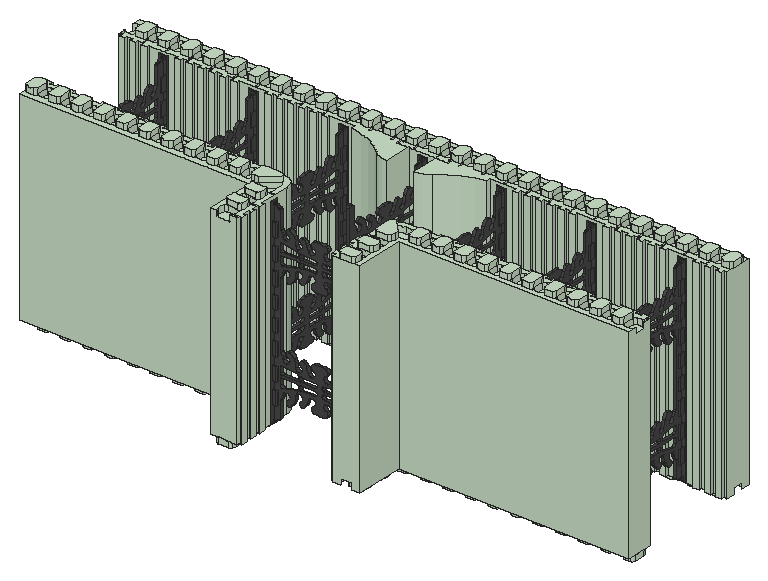
Revit family "ICF- NUDURA 8-inch- Short T Form Unit- Imperial", category Generic Models, Revit 2011 (continued)
Forms (in)
  Extrusion 45, solid, material "NUDURA Expanded Polystyrene Foam Insulation"
    sketch origin (2, -2, 0) x (1, 0, 0) y (0, 1, 0)
      loop
        arc (5.82692, -5.13593) -> (5.95215, -5.04515) -> (6, -4.89806) r 0.25
        line (6, -4.89806) -> (6, -3.9769)
    from 0 to -0.5
  Extrusion 46, void
    sketch origin (7.99998, -0.00002, 0) x (0, -1, 0) y (1, 0, 0)
      loop
        arc (-5.13595, -25.17306) -> (-5.1875, -25.49998) -> (-5.13595, -25.8269) r 1.0625
        arc (-5.13595, -25.8269) -> (-5.04517, -25.95213) -> (-4.89808, -25.99998) r 0.25
        line (-4.89808, -25.99998) -> (-3.97692, -25.99998)
        arc (-3.97692, -25.99998) -> (-3.88568, -25.98274) -> (-3.80702, -25.93338) r 0.25
        arc (-3.80702, -25.93338) -> (-3.78736, -25.92104) -> (-3.76455, -25.91673) r 0.0625
        line (-3.76455, -25.91673) -> (-3.41845, -25.91673) -> (-3.41845, -25.7459) -> (-3.64005, -25.7459)
        arc (-3.64005, -25.7459) -> (-3.68771, -25.72383) -> (-3.70172, -25.67321) r 0.0625
        arc (-3.70172, -25.67321) -> (-3.69045, -25.4209) -> (-3.73905, -25.17306) r 1.0625
        arc (-3.73905, -25.17306) -> (-3.82983, -25.04783) -> (-3.97692, -24.99998) r 0.25
        line (-3.97692, -24.99998) -> (-4.89808, -24.99998)
        arc (-4.89808, -24.99998) -> (-5.04517, -25.04783) -> (-5.13595, -25.17306) r 0.25
    from 18 to 17.5
  Extrusion 47, void
    sketch origin (9.99998, -0.00002, 0) x (0, -1, 0) y (1, 0, 0)
      loop
        arc (-5.13595, -25.17306) -> (-5.1875, -25.49998) -> (-5.13595, -25.8269) r 1.0625
        arc (-5.13595, -25.8269) -> (-5.04517, -25.95213) -> (-4.89808, -25.99998) r 0.25
        line (-4.89808, -25.99998) -> (-3.97692, -25.99998)
        arc (-3.97692, -25.99998) -> (-3.88568, -25.98274) -> (-3.80702, -25.93338) r 0.25
        arc (-3.80702, -25.93338) -> (-3.78736, -25.92104) -> (-3.76455, -25.91673) r 0.0625
        line (-3.76455, -25.91673) -> (-3.41845, -25.91673) -> (-3.41845, -25.7459) -> (-3.64005, -25.7459)
        arc (-3.64005, -25.7459) -> (-3.68771, -25.72383) -> (-3.70172, -25.67321) r 0.0625
        arc (-3.70172, -25.67321) -> (-3.69045, -25.4209) -> (-3.73905, -25.17306) r 1.0625
        arc (-3.73905, -25.17306) -> (-3.82983, -25.04783) -> (-3.97692, -24.99998) r 0.25
        line (-3.97692, -24.99998) -> (-4.89808, -24.99998)
        arc (-4.89808, -24.99998) -> (-5.04517, -25.04783) -> (-5.13595, -25.17306) r 0.25
    from 18 to 17.5
  Extrusion 48, void
    sketch origin (11.99998, -0.00002, 0) x (0, -1, 0) y (1, 0, 0)
      loop
        arc (-5.13595, -25.17306) -> (-5.1875, -25.49998) -> (-5.13595, -25.8269) r 1.0625
        arc (-5.13595, -25.8269) -> (-5.04517, -25.95213) -> (-4.89808, -25.99998) r 0.25
        line (-4.89808, -25.99998) -> (-3.97692, -25.99998)
        arc (-3.97692, -25.99998) -> (-3.88568, -25.98274) -> (-3.80702, -25.93338) r 0.25
        arc (-3.80702, -25.93338) -> (-3.78736, -25.92104) -> (-3.76455, -25.91673) r 0.0625
        line (-3.76455, -25.91673) -> (-3.41845, -25.91673) -> (-3.41845, -25.7459) -> (-3.64005, -25.7459)
        arc (-3.64005, -25.7459) -> (-3.68771, -25.72383) -> (-3.70172, -25.67321) r 0.0625
        arc (-3.70172, -25.67321) -> (-3.69045, -25.4209) -> (-3.73905, -25.17306) r 1.0625
        arc (-3.73905, -25.17306) -> (-3.82983, -25.04783) -> (-3.97692, -24.99998) r 0.25
        line (-3.97692, -24.99998) -> (-4.89808, -24.99998)
        arc (-4.89808, -24.99998) -> (-5.04517, -25.04783) -> (-5.13595, -25.17306) r 0.25
    from 18 to 17.5
  Extrusion 49, void
    sketch origin (13.99998, -0.00002, 0) x (0, -1, 0) y (1, 0, 0)
      loop
        arc (-5.13595, -25.17306) -> (-5.1875, -25.49998) -> (-5.13595, -25.8269) r 1.0625
        arc (-5.13595, -25.8269) -> (-5.04517, -25.95213) -> (-4.89808, -25.99998) r 0.25
        line (-4.89808, -25.99998) -> (-3.97692, -25.99998)
        arc (-3.97692, -25.99998) -> (-3.88568, -25.98274) -> (-3.80702, -25.93338) r 0.25
        arc (-3.80702, -25.93338) -> (-3.78736, -25.92104) -> (-3.76455, -25.91673) r 0.0625
        line (-3.76455, -25.91673) -> (-3.41845, -25.91673) -> (-3.41845, -25.7459) -> (-3.64005, -25.7459)
        arc (-3.64005, -25.7459) -> (-3.68771, -25.72383) -> (-3.70172, -25.67321) r 0.0625
        arc (-3.70172, -25.67321) -> (-3.69045, -25.4209) -> (-3.73905, -25.17306) r 1.0625
        arc (-3.73905, -25.17306) -> (-3.82983, -25.04783) -> (-3.97692, -24.99998) r 0.25
        line (-3.97692, -24.99998) -> (-4.89808, -24.99998)
        arc (-4.89808, -24.99998) -> (-5.04517, -25.04783) -> (-5.13595, -25.17306) r 0.25
    from 18 to 17.5
  Extrusion 50, void
    sketch origin (5.99998, -0.00002, 0) x (0, -1, 0) y (1, 0, 0)
      loop
        arc (-5.13595, -25.17306) -> (-5.1875, -25.49998) -> (-5.13595, -25.8269) r 1.0625
        arc (-5.13595, -25.8269) -> (-5.04517, -25.95213) -> (-4.89808, -25.99998) r 0.25
        line (-4.89808, -25.99998) -> (-3.97692, -25.99998)
        arc (-3.97692, -25.99998) -> (-3.88568, -25.98274) -> (-3.80702, -25.93338) r 0.25
        arc (-3.80702, -25.93338) -> (-3.78736, -25.92104) -> (-3.76455, -25.91673) r 0.0625
        line (-3.76455, -25.91673) -> (-3.41845, -25.91673) -> (-3.41845, -25.7459) -> (-3.64005, -25.7459)
        arc (-3.64005, -25.7459) -> (-3.68771, -25.72383) -> (-3.70172, -25.67321) r 0.0625
        arc (-3.70172, -25.67321) -> (-3.69045, -25.4209) -> (-3.73905, -25.17306) r 1.0625
        arc (-3.73905, -25.17306) -> (-3.82983, -25.04783) -> (-3.97692, -24.99998) r 0.25
        line (-3.97692, -24.99998) -> (-4.89808, -24.99998)
        arc (-4.89808, -24.99998) -> (-5.04517, -25.04783) -> (-5.13595, -25.17306) r 0.25
    from 18 to 17.5
  Extrusion 51, void
    sketch origin (-0.00002, -0.00002, 0) x (0, -1, 0) y (1, 0, 0)
      loop
        arc (-5.13595, -25.17306) -> (-5.1875, -25.49998) -> (-5.13595, -25.8269) r 1.0625
        arc (-5.13595, -25.8269) -> (-5.04517, -25.95213) -> (-4.89808, -25.99998) r 0.25
        line (-4.89808, -25.99998) -> (-3.97692, -25.99998)
        arc (-3.97692, -25.99998) -> (-3.88568, -25.98274) -> (-3.80702, -25.93338) r 0.25
        arc (-3.80702, -25.93338) -> (-3.78736, -25.92104) -> (-3.76455, -25.91673) r 0.0625
        line (-3.76455, -25.91673) -> (-3.41845, -25.91673) -> (-3.41845, -25.7459) -> (-3.64005, -25.7459)
        arc (-3.64005, -25.7459) -> (-3.68771, -25.72383) -> (-3.70172, -25.67321) r 0.0625
        arc (-3.70172, -25.67321) -> (-3.69045, -25.4209) -> (-3.73905, -25.17306) r 1.0625
        arc (-3.73905, -25.17306) -> (-3.82983, -25.04783) -> (-3.97692, -24.99998) r 0.25
        line (-3.97692, -24.99998) -> (-4.89808, -24.99998)
        arc (-4.89808, -24.99998) -> (-5.04517, -25.04783) -> (-5.13595, -25.17306) r 0.25
    from 18 to 17.5
  Extrusion 52, void
    sketch origin (1.99998, -0.00002, 0) x (0, -1, 0) y (1, 0, 0)
      loop
        arc (-5.13595, -25.17306) -> (-5.1875, -25.49998) -> (-5.13595, -25.8269) r 1.0625
        arc (-5.13595, -25.8269) -> (-5.04517, -25.95213) -> (-4.89808, -25.99998) r 0.25
        line (-4.89808, -25.99998) -> (-3.97692, -25.99998)
        arc (-3.97692, -25.99998) -> (-3.88568, -25.98274) -> (-3.80702, -25.93338) r 0.25
        arc (-3.80702, -25.93338) -> (-3.78736, -25.92104) -> (-3.76455, -25.91673) r 0.0625
        line (-3.76455, -25.91673) -> (-3.41845, -25.91673) -> (-3.41845, -25.7459) -> (-3.64005, -25.7459)
        arc (-3.64005, -25.7459) -> (-3.68771, -25.72383) -> (-3.70172, -25.67321) r 0.0625
        arc (-3.70172, -25.67321) -> (-3.69045, -25.4209) -> (-3.73905, -25.17306) r 1.0625
        arc (-3.73905, -25.17306) -> (-3.82983, -25.04783) -> (-3.97692, -24.99998) r 0.25
        line (-3.97692, -24.99998) -> (-4.89808, -24.99998)
        arc (-4.89808, -24.99998) -> (-5.04517, -25.04783) -> (-5.13595, -25.17306) r 0.25
    from 18 to 17.5
  Extrusion 53, void
    sketch origin (3.99998, -0.00002, 0) x (0, -1, 0) y (1, 0, 0)
      loop
        arc (-5.13595, -25.17306) -> (-5.1875, -25.49998) -> (-5.13595, -25.8269) r 1.0625
        arc (-5.13595, -25.8269) -> (-5.04517, -25.95213) -> (-4.89808, -25.99998) r 0.25
        line (-4.89808, -25.99998) -> (-3.97692, -25.99998)
        arc (-3.97692, -25.99998) -> (-3.88568, -25.98274) -> (-3.80702, -25.93338) r 0.25
        arc (-3.80702, -25.93338) -> (-3.78736, -25.92104) -> (-3.76455, -25.91673) r 0.0625
        line (-3.76455, -25.91673) -> (-3.41845, -25.91673) -> (-3.41845, -25.7459) -> (-3.64005, -25.7459)
        arc (-3.64005, -25.7459) -> (-3.68771, -25.72383) -> (-3.70172, -25.67321) r 0.0625
        arc (-3.70172, -25.67321) -> (-3.69045, -25.4209) -> (-3.73905, -25.17306) r 1.0625
        arc (-3.73905, -25.17306) -> (-3.82983, -25.04783) -> (-3.97692, -24.99998) r 0.25
        line (-3.97692, -24.99998) -> (-4.89808, -24.99998)
        arc (-4.89808, -24.99998) -> (-5.04517, -25.04783) -> (-5.13595, -25.17306) r 0.25
    from 18 to 17.5
  Extrusion 54, void
    sketch origin (-35.99998, -1.99998, 0) x (0, 1, 0) y (-1, 0, 0)
      loop
        arc (-5.13595, -25.17306) -> (-5.1875, -25.49998) -> (-5.13595, -25.8269) r 1.0625
        arc (-5.13595, -25.8269) -> (-5.04517, -25.95213) -> (-4.89808, -25.99998) r 0.25
        line (-4.89808, -25.99998) -> (-3.97692, -25.99998)
        arc (-3.97692, -25.99998) -> (-3.88568, -25.98274) -> (-3.80702, -25.93338) r 0.25
        arc (-3.80702, -25.93338) -> (-3.78736, -25.92104) -> (-3.76455, -25.91673) r 0.0625
        line (-3.76455, -25.91673) -> (-3.41845, -25.91673) -> (-3.41845, -25.7459) -> (-3.64005, -25.7459)
        arc (-3.64005, -25.7459) -> (-3.68771, -25.72383) -> (-3.70172, -25.67321) r 0.0625
        arc (-3.70172, -25.67321) -> (-3.69045, -25.4209) -> (-3.73905, -25.17306) r 1.0625
        arc (-3.73905, -25.17306) -> (-3.82983, -25.04783) -> (-3.97692, -24.99998) r 0.25
        line (-3.97692, -24.99998) -> (-4.89808, -24.99998)
        arc (-4.89808, -24.99998) -> (-5.04517, -25.04783) -> (-5.13595, -25.17306) r 0.25
    from 18 to 17.5
  Extrusion 55, void
    sketch origin (-37.99998, -1.99998, 0) x (0, 1, 0) y (-1, 0, 0)
      loop
        arc (-5.13595, -25.17306) -> (-5.1875, -25.49998) -> (-5.13595, -25.8269) r 1.0625
        arc (-5.13595, -25.8269) -> (-5.04517, -25.95213) -> (-4.89808, -25.99998) r 0.25
        line (-4.89808, -25.99998) -> (-3.97692, -25.99998)
        arc (-3.97692, -25.99998) -> (-3.88568, -25.98274) -> (-3.80702, -25.93338) r 0.25
        arc (-3.80702, -25.93338) -> (-3.78736, -25.92104) -> (-3.76455, -25.91673) r 0.0625
        line (-3.76455, -25.91673) -> (-3.41845, -25.91673) -> (-3.41845, -25.7459) -> (-3.64005, -25.7459)
        arc (-3.64005, -25.7459) -> (-3.68771, -25.72383) -> (-3.70172, -25.67321) r 0.0625
        arc (-3.70172, -25.67321) -> (-3.69045, -25.4209) -> (-3.73905, -25.17306) r 1.0625
        arc (-3.73905, -25.17306) -> (-3.82983, -25.04783) -> (-3.97692, -24.99998) r 0.25
        line (-3.97692, -24.99998) -> (-4.89808, -24.99998)
        arc (-4.89808, -24.99998) -> (-5.04517, -25.04783) -> (-5.13595, -25.17306) r 0.25
    from 18 to 17.5
  Extrusion 56, void
    sketch origin (-39.99998, -1.99998, 0) x (0, 1, 0) y (-1, 0, 0)
      loop
        arc (-5.13595, -25.17306) -> (-5.1875, -25.49998) -> (-5.13595, -25.8269) r 1.0625
        arc (-5.13595, -25.8269) -> (-5.04517, -25.95213) -> (-4.89808, -25.99998) r 0.25
        line (-4.89808, -25.99998) -> (-3.97692, -25.99998)
        arc (-3.97692, -25.99998) -> (-3.88568, -25.98274) -> (-3.80702, -25.93338) r 0.25
        arc (-3.80702, -25.93338) -> (-3.78736, -25.92104) -> (-3.76455, -25.91673) r 0.0625
        line (-3.76455, -25.91673) -> (-3.41845, -25.91673) -> (-3.41845, -25.7459) -> (-3.64005, -25.7459)
        arc (-3.64005, -25.7459) -> (-3.68771, -25.72383) -> (-3.70172, -25.67321) r 0.0625
        arc (-3.70172, -25.67321) -> (-3.69045, -25.4209) -> (-3.73905, -25.17306) r 1.0625
        arc (-3.73905, -25.17306) -> (-3.82983, -25.04783) -> (-3.97692, -24.99998) r 0.25
        line (-3.97692, -24.99998) -> (-4.89808, -24.99998)
        arc (-4.89808, -24.99998) -> (-5.04517, -25.04783) -> (-5.13595, -25.17306) r 0.25
    from 18 to 17.5
  Extrusion 57, void
    sketch origin (-41.99998, -1.99998, 0) x (0, 1, 0) y (-1, 0, 0)
      loop
        arc (-5.13595, -25.17306) -> (-5.1875, -25.49998) -> (-5.13595, -25.8269) r 1.0625
        arc (-5.13595, -25.8269) -> (-5.04517, -25.95213) -> (-4.89808, -25.99998) r 0.25
        line (-4.89808, -25.99998) -> (-3.97692, -25.99998)
        arc (-3.97692, -25.99998) -> (-3.88568, -25.98274) -> (-3.80702, -25.93338) r 0.25
        arc (-3.80702, -25.93338) -> (-3.78736, -25.92104) -> (-3.76455, -25.91673) r 0.0625
        line (-3.76455, -25.91673) -> (-3.41845, -25.91673) -> (-3.41845, -25.7459) -> (-3.64005, -25.7459)
        arc (-3.64005, -25.7459) -> (-3.68771, -25.72383) -> (-3.70172, -25.67321) r 0.0625
        arc (-3.70172, -25.67321) -> (-3.69045, -25.4209) -> (-3.73905, -25.17306) r 1.0625
        arc (-3.73905, -25.17306) -> (-3.82983, -25.04783) -> (-3.97692, -24.99998) r 0.25
        line (-3.97692, -24.99998) -> (-4.89808, -24.99998)
        arc (-4.89808, -24.99998) -> (-5.04517, -25.04783) -> (-5.13595, -25.17306) r 0.25
    from 18 to 17.5
  Extrusion 58, void
    sketch origin (-43.99998, -1.99998, 0) x (0, 1, 0) y (-1, 0, 0)
      loop
        arc (-5.13595, -25.17306) -> (-5.1875, -25.49998) -> (-5.13595, -25.8269) r 1.0625
        arc (-5.13595, -25.8269) -> (-5.04517, -25.95213) -> (-4.89808, -25.99998) r 0.25
        line (-4.89808, -25.99998) -> (-3.97692, -25.99998)
        arc (-3.97692, -25.99998) -> (-3.88568, -25.98274) -> (-3.80702, -25.93338) r 0.25
        arc (-3.80702, -25.93338) -> (-3.78736, -25.92104) -> (-3.76455, -25.91673) r 0.0625
        line (-3.76455, -25.91673) -> (-3.41845, -25.91673) -> (-3.41845, -25.7459) -> (-3.64005, -25.7459)
        arc (-3.64005, -25.7459) -> (-3.68771, -25.72383) -> (-3.70172, -25.67321) r 0.0625
        arc (-3.70172, -25.67321) -> (-3.69045, -25.4209) -> (-3.73905, -25.17306) r 1.0625
        arc (-3.73905, -25.17306) -> (-3.82983, -25.04783) -> (-3.97692, -24.99998) r 0.25
        line (-3.97692, -24.99998) -> (-4.89808, -24.99998)
        arc (-4.89808, -24.99998) -> (-5.04517, -25.04783) -> (-5.13595, -25.17306) r 0.25
    from 18 to 17.5
  Extrusion 59, void
    sketch origin (-45.99998, -1.99998, 0) x (0, 1, 0) y (-1, 0, 0)
      loop
        arc (-5.13595, -25.17306) -> (-5.1875, -25.49998) -> (-5.13595, -25.8269) r 1.0625
        arc (-5.13595, -25.8269) -> (-5.04517, -25.95213) -> (-4.89808, -25.99998) r 0.25
        line (-4.89808, -25.99998) -> (-3.97692, -25.99998)
        arc (-3.97692, -25.99998) -> (-3.88568, -25.98274) -> (-3.80702, -25.93338) r 0.25
        arc (-3.80702, -25.93338) -> (-3.78736, -25.92104) -> (-3.76455, -25.91673) r 0.0625
        line (-3.76455, -25.91673) -> (-3.41845, -25.91673) -> (-3.41845, -25.7459) -> (-3.64005, -25.7459)
        arc (-3.64005, -25.7459) -> (-3.68771, -25.72383) -> (-3.70172, -25.67321) r 0.0625
        arc (-3.70172, -25.67321) -> (-3.69045, -25.4209) -> (-3.73905, -25.17306) r 1.0625
        arc (-3.73905, -25.17306) -> (-3.82983, -25.04783) -> (-3.97692, -24.99998) r 0.25
        line (-3.97692, -24.99998) -> (-4.89808, -24.99998)
        arc (-4.89808, -24.99998) -> (-5.04517, -25.04783) -> (-5.13595, -25.17306) r 0.25
    from 18 to 17.5
  Extrusion 60, void
    sketch origin (-47.99998, -1.99998, 0) x (0, 1, 0) y (-1, 0, 0)
      loop
        arc (-5.13595, -25.17306) -> (-5.1875, -25.49998) -> (-5.13595, -25.8269) r 1.0625
        arc (-5.13595, -25.8269) -> (-5.04517, -25.95213) -> (-4.89808, -25.99998) r 0.25
        line (-4.89808, -25.99998) -> (-3.97692, -25.99998)
        arc (-3.97692, -25.99998) -> (-3.88568, -25.98274) -> (-3.80702, -25.93338) r 0.25
        arc (-3.80702, -25.93338) -> (-3.78736, -25.92104) -> (-3.76455, -25.91673) r 0.0625
        line (-3.76455, -25.91673) -> (-3.41845, -25.91673) -> (-3.41845, -25.7459) -> (-3.64005, -25.7459)
        arc (-3.64005, -25.7459) -> (-3.68771, -25.72383) -> (-3.70172, -25.67321) r 0.0625
        arc (-3.70172, -25.67321) -> (-3.69045, -25.4209) -> (-3.73905, -25.17306) r 1.0625
        arc (-3.73905, -25.17306) -> (-3.82983, -25.04783) -> (-3.97692, -24.99998) r 0.25
        line (-3.97692, -24.99998) -> (-4.89808, -24.99998)
        arc (-4.89808, -24.99998) -> (-5.04517, -25.04783) -> (-5.13595, -25.17306) r 0.25
    from 18 to 17.5
  Extrusion 61, void
    sketch origin (-49.99998, -1.99998, 0) x (0, 1, 0) y (-1, 0, 0)
      loop
        arc (-5.13595, -25.17306) -> (-5.1875, -25.49998) -> (-5.13595, -25.8269) r 1.0625
        arc (-5.13595, -25.8269) -> (-5.04517, -25.95213) -> (-4.89808, -25.99998) r 0.25
        line (-4.89808, -25.99998) -> (-3.97692, -25.99998)
        arc (-3.97692, -25.99998) -> (-3.88568, -25.98274) -> (-3.80702, -25.93338) r 0.25
        arc (-3.80702, -25.93338) -> (-3.78736, -25.92104) -> (-3.76455, -25.91673) r 0.0625
        line (-3.76455, -25.91673) -> (-3.41845, -25.91673) -> (-3.41845, -25.7459) -> (-3.64005, -25.7459)
        arc (-3.64005, -25.7459) -> (-3.68771, -25.72383) -> (-3.70172, -25.67321) r 0.0625
        arc (-3.70172, -25.67321) -> (-3.69045, -25.4209) -> (-3.73905, -25.17306) r 1.0625
        arc (-3.73905, -25.17306) -> (-3.82983, -25.04783) -> (-3.97692, -24.99998) r 0.25
        line (-3.97692, -24.99998) -> (-4.89808, -24.99998)
        arc (-4.89808, -24.99998) -> (-5.04517, -25.04783) -> (-5.13595, -25.17306) r 0.25
    from 18 to 17.5
  Extrusion 62, void
    sketch origin (-11.99998, -1.99998, 0) x (0, 1, 0) y (-1, 0, 0)
      loop
        arc (-5.13595, -25.17306) -> (-5.1875, -25.49998) -> (-5.13595, -25.8269) r 1.0625
        arc (-5.13595, -25.8269) -> (-5.04517, -25.95213) -> (-4.89808, -25.99998) r 0.25
        line (-4.89808, -25.99998) -> (-3.97692, -25.99998)
        arc (-3.97692, -25.99998) -> (-3.88568, -25.98274) -> (-3.80702, -25.93338) r 0.25
        arc (-3.80702, -25.93338) -> (-3.78736, -25.92104) -> (-3.76455, -25.91673) r 0.0625
        line (-3.76455, -25.91673) -> (-3.41845, -25.91673) -> (-3.41845, -25.7459) -> (-3.64005, -25.7459)
        arc (-3.64005, -25.7459) -> (-3.68771, -25.72383) -> (-3.70172, -25.67321) r 0.0625
        arc (-3.70172, -25.67321) -> (-3.69045, -25.4209) -> (-3.73905, -25.17306) r 1.0625
        arc (-3.73905, -25.17306) -> (-3.82983, -25.04783) -> (-3.97692, -24.99998) r 0.25
        line (-3.97692, -24.99998) -> (-4.89808, -24.99998)
        arc (-4.89808, -24.99998) -> (-5.04517, -25.04783) -> (-5.13595, -25.17306) r 0.25
    from 18 to 17.5
  Extrusion 63, void
    sketch origin (-9.99998, -1.99998, 0) x (0, 1, 0) y (-1, 0, 0)
      loop
        arc (-5.13595, -25.17306) -> (-5.1875, -25.49998) -> (-5.13595, -25.8269) r 1.0625
        arc (-5.13595, -25.8269) -> (-5.04517, -25.95213) -> (-4.89808, -25.99998) r 0.25
        line (-4.89808, -25.99998) -> (-3.97692, -25.99998)
        arc (-3.97692, -25.99998) -> (-3.88568, -25.98274) -> (-3.80702, -25.93338) r 0.25
        arc (-3.80702, -25.93338) -> (-3.78736, -25.92104) -> (-3.76455, -25.91673) r 0.0625
        line (-3.76455, -25.91673) -> (-3.41845, -25.91673) -> (-3.41845, -25.7459) -> (-3.64005, -25.7459)
        arc (-3.64005, -25.7459) -> (-3.68771, -25.72383) -> (-3.70172, -25.67321) r 0.0625
        arc (-3.70172, -25.67321) -> (-3.69045, -25.4209) -> (-3.73905, -25.17306) r 1.0625
        arc (-3.73905, -25.17306) -> (-3.82983, -25.04783) -> (-3.97692, -24.99998) r 0.25
        line (-3.97692, -24.99998) -> (-4.89808, -24.99998)
        arc (-4.89808, -24.99998) -> (-5.04517, -25.04783) -> (-5.13595, -25.17306) r 0.25
    from 18 to 17.5
  Extrusion 64, void
    sketch origin (-7.99998, -1.99998, 0) x (0, 1, 0) y (-1, 0, 0)
      loop
        arc (-5.13595, -25.17306) -> (-5.1875, -25.49998) -> (-5.13595, -25.8269) r 1.0625
        arc (-5.13595, -25.8269) -> (-5.04517, -25.95213) -> (-4.89808, -25.99998) r 0.25
        line (-4.89808, -25.99998) -> (-3.97692, -25.99998)
        arc (-3.97692, -25.99998) -> (-3.88568, -25.98274) -> (-3.80702, -25.93338) r 0.25
        arc (-3.80702, -25.93338) -> (-3.78736, -25.92104) -> (-3.76455, -25.91673) r 0.0625
        line (-3.76455, -25.91673) -> (-3.41845, -25.91673) -> (-3.41845, -25.7459) -> (-3.64005, -25.7459)
        arc (-3.64005, -25.7459) -> (-3.68771, -25.72383) -> (-3.70172, -25.67321) r 0.0625
        arc (-3.70172, -25.67321) -> (-3.69045, -25.4209) -> (-3.73905, -25.17306) r 1.0625
        arc (-3.73905, -25.17306) -> (-3.82983, -25.04783) -> (-3.97692, -24.99998) r 0.25
        line (-3.97692, -24.99998) -> (-4.89808, -24.99998)
        arc (-4.89808, -24.99998) -> (-5.04517, -25.04783) -> (-5.13595, -25.17306) r 0.25
    from 18 to 17.5
  Extrusion 65, void
    sketch origin (-5.99998, -1.99998, 0) x (0, 1, 0) y (-1, 0, 0)
      loop
        arc (-5.13595, -25.17306) -> (-5.1875, -25.49998) -> (-5.13595, -25.8269) r 1.0625
        arc (-5.13595, -25.8269) -> (-5.04517, -25.95213) -> (-4.89808, -25.99998) r 0.25
        line (-4.89808, -25.99998) -> (-3.97692, -25.99998)
        arc (-3.97692, -25.99998) -> (-3.88568, -25.98274) -> (-3.80702, -25.93338) r 0.25
        arc (-3.80702, -25.93338) -> (-3.78736, -25.92104) -> (-3.76455, -25.91673) r 0.0625
        line (-3.76455, -25.91673) -> (-3.41845, -25.91673) -> (-3.41845, -25.7459) -> (-3.64005, -25.7459)
        arc (-3.64005, -25.7459) -> (-3.68771, -25.72383) -> (-3.70172, -25.67321) r 0.0625
        arc (-3.70172, -25.67321) -> (-3.69045, -25.4209) -> (-3.73905, -25.17306) r 1.0625
        arc (-3.73905, -25.17306) -> (-3.82983, -25.04783) -> (-3.97692, -24.99998) r 0.25
        line (-3.97692, -24.99998) -> (-4.89808, -24.99998)
        arc (-4.89808, -24.99998) -> (-5.04517, -25.04783) -> (-5.13595, -25.17306) r 0.25
    from 18 to 17.5
  Extrusion 66, void
    sketch origin (-3.99998, -1.99998, 0) x (0, 1, 0) y (-1, 0, 0)
      loop
        arc (-5.13595, -25.17306) -> (-5.1875, -25.49998) -> (-5.13595, -25.8269) r 1.0625
        arc (-5.13595, -25.8269) -> (-5.04517, -25.95213) -> (-4.89808, -25.99998) r 0.25
        line (-4.89808, -25.99998) -> (-3.97692, -25.99998)
        arc (-3.97692, -25.99998) -> (-3.88568, -25.98274) -> (-3.80702, -25.93338) r 0.25
        arc (-3.80702, -25.93338) -> (-3.78736, -25.92104) -> (-3.76455, -25.91673) r 0.0625
        line (-3.76455, -25.91673) -> (-3.41845, -25.91673) -> (-3.41845, -25.7459) -> (-3.64005, -25.7459)
        arc (-3.64005, -25.7459) -> (-3.68771, -25.72383) -> (-3.70172, -25.67321) r 0.0625
        arc (-3.70172, -25.67321) -> (-3.69045, -25.4209) -> (-3.73905, -25.17306) r 1.0625
        arc (-3.73905, -25.17306) -> (-3.82983, -25.04783) -> (-3.97692, -24.99998) r 0.25
        line (-3.97692, -24.99998) -> (-4.89808, -24.99998)
        arc (-4.89808, -24.99998) -> (-5.04517, -25.04783) -> (-5.13595, -25.17306) r 0.25
    from 18 to 17.5
  Extrusion 67, void
    sketch origin (-1.99998, -1.99998, 0) x (0, 1, 0) y (-1, 0, 0)
      loop
        arc (-5.13595, -25.17306) -> (-5.1875, -25.49998) -> (-5.13595, -25.8269) r 1.0625
        arc (-5.13595, -25.8269) -> (-5.04517, -25.95213) -> (-4.89808, -25.99998) r 0.25
        line (-4.89808, -25.99998) -> (-3.97692, -25.99998)
        arc (-3.97692, -25.99998) -> (-3.88568, -25.98274) -> (-3.80702, -25.93338) r 0.25
        arc (-3.80702, -25.93338) -> (-3.78736, -25.92104) -> (-3.76455, -25.91673) r 0.0625
        line (-3.76455, -25.91673) -> (-3.41845, -25.91673) -> (-3.41845, -25.7459) -> (-3.64005, -25.7459)
        arc (-3.64005, -25.7459) -> (-3.68771, -25.72383) -> (-3.70172, -25.67321) r 0.0625
        arc (-3.70172, -25.67321) -> (-3.69045, -25.4209) -> (-3.73905, -25.17306) r 1.0625
        arc (-3.73905, -25.17306) -> (-3.82983, -25.04783) -> (-3.97692, -24.99998) r 0.25
        line (-3.97692, -24.99998) -> (-4.89808, -24.99998)
        arc (-4.89808, -24.99998) -> (-5.04517, -25.04783) -> (-5.13595, -25.17306) r 0.25
    from 18 to 17.5
  Extrusion 68, void
    sketch origin (0.00002, -1.99998, 0) x (0, 1, 0) y (-1, 0, 0)
      loop
        arc (-5.13595, -25.17306) -> (-5.1875, -25.49998) -> (-5.13595, -25.8269) r 1.0625
        arc (-5.13595, -25.8269) -> (-5.04517, -25.95213) -> (-4.89808, -25.99998) r 0.25
        line (-4.89808, -25.99998) -> (-3.97692, -25.99998)
        arc (-3.97692, -25.99998) -> (-3.88568, -25.98274) -> (-3.80702, -25.93338) r 0.25
        arc (-3.80702, -25.93338) -> (-3.78736, -25.92104) -> (-3.76455, -25.91673) r 0.0625
        line (-3.76455, -25.91673) -> (-3.41845, -25.91673) -> (-3.41845, -25.7459) -> (-3.64005, -25.7459)
        arc (-3.64005, -25.7459) -> (-3.68771, -25.72383) -> (-3.70172, -25.67321) r 0.0625
        arc (-3.70172, -25.67321) -> (-3.69045, -25.4209) -> (-3.73905, -25.17306) r 1.0625
        arc (-3.73905, -25.17306) -> (-3.82983, -25.04783) -> (-3.97692, -24.99998) r 0.25
        line (-3.97692, -24.99998) -> (-4.89808, -24.99998)
        arc (-4.89808, -24.99998) -> (-5.04517, -25.04783) -> (-5.13595, -25.17306) r 0.25
    from 18 to 17.5
  Extrusion 69, void
    sketch origin (2.00002, -1.99998, 0) x (0, 1, 0) y (-1, 0, 0)
      loop
        arc (-5.13595, -25.17306) -> (-5.1875, -25.49998) -> (-5.13595, -25.8269) r 1.0625
        arc (-5.13595, -25.8269) -> (-5.04517, -25.95213) -> (-4.89808, -25.99998) r 0.25
        line (-4.89808, -25.99998) -> (-3.97692, -25.99998)
        arc (-3.97692, -25.99998) -> (-3.88568, -25.98274) -> (-3.80702, -25.93338) r 0.25
        arc (-3.80702, -25.93338) -> (-3.78736, -25.92104) -> (-3.76455, -25.91673) r 0.0625
        line (-3.76455, -25.91673) -> (-3.41845, -25.91673) -> (-3.41845, -25.7459) -> (-3.64005, -25.7459)
        arc (-3.64005, -25.7459) -> (-3.68771, -25.72383) -> (-3.70172, -25.67321) r 0.0625
        arc (-3.70172, -25.67321) -> (-3.69045, -25.4209) -> (-3.73905, -25.17306) r 1.0625
        arc (-3.73905, -25.17306) -> (-3.82983, -25.04783) -> (-3.97692, -24.99998) r 0.25
        line (-3.97692, -24.99998) -> (-4.89808, -24.99998)
        arc (-4.89808, -24.99998) -> (-5.04517, -25.04783) -> (-5.13595, -25.17306) r 0.25
    from 18 to 17.5
  Extrusion 70, void
    sketch origin (37.99998, -0.00002, 0) x (0, -1, 0) y (1, 0, 0)
      loop
        arc (-5.13595, -25.17306) -> (-5.1875, -25.49998) -> (-5.13595, -25.8269) r 1.0625
        arc (-5.13595, -25.8269) -> (-5.04517, -25.95213) -> (-4.89808, -25.99998) r 0.25
        line (-4.89808, -25.99998) -> (-3.97692, -25.99998)
        arc (-3.97692, -25.99998) -> (-3.88568, -25.98274) -> (-3.80702, -25.93338) r 0.25
        arc (-3.80702, -25.93338) -> (-3.78736, -25.92104) -> (-3.76455, -25.91673) r 0.0625
        line (-3.76455, -25.91673) -> (-3.41845, -25.91673) -> (-3.41845, -25.7459) -> (-3.64005, -25.7459)
        arc (-3.64005, -25.7459) -> (-3.68771, -25.72383) -> (-3.70172, -25.67321) r 0.0625
        arc (-3.70172, -25.67321) -> (-3.69045, -25.4209) -> (-3.73905, -25.17306) r 1.0625
        arc (-3.73905, -25.17306) -> (-3.82983, -25.04783) -> (-3.97692, -24.99998) r 0.25
        line (-3.97692, -24.99998) -> (-4.89808, -24.99998)
        arc (-4.89808, -24.99998) -> (-5.04517, -25.04783) -> (-5.13595, -25.17306) r 0.25
    from 18 to 17.5
  Extrusion 71, void
    sketch origin (39.99998, -0.00002, 0) x (0, -1, 0) y (1, 0, 0)
      loop
        arc (-5.13595, -25.17306) -> (-5.1875, -25.49998) -> (-5.13595, -25.8269) r 1.0625
        arc (-5.13595, -25.8269) -> (-5.04517, -25.95213) -> (-4.89808, -25.99998) r 0.25
        line (-4.89808, -25.99998) -> (-3.97692, -25.99998)
        arc (-3.97692, -25.99998) -> (-3.88568, -25.98274) -> (-3.80702, -25.93338) r 0.25
        arc (-3.80702, -25.93338) -> (-3.78736, -25.92104) -> (-3.76455, -25.91673) r 0.0625
        line (-3.76455, -25.91673) -> (-3.41845, -25.91673) -> (-3.41845, -25.7459) -> (-3.64005, -25.7459)
        arc (-3.64005, -25.7459) -> (-3.68771, -25.72383) -> (-3.70172, -25.67321) r 0.0625
        arc (-3.70172, -25.67321) -> (-3.69045, -25.4209) -> (-3.73905, -25.17306) r 1.0625
        arc (-3.73905, -25.17306) -> (-3.82983, -25.04783) -> (-3.97692, -24.99998) r 0.25
        line (-3.97692, -24.99998) -> (-4.89808, -24.99998)
        arc (-4.89808, -24.99998) -> (-5.04517, -25.04783) -> (-5.13595, -25.17306) r 0.25
    from 18 to 17.5
  Extrusion 72, void
    sketch origin (41.99998, -0.00002, 0) x (0, -1, 0) y (1, 0, 0)
      loop
        arc (-5.13595, -25.17306) -> (-5.1875, -25.49998) -> (-5.13595, -25.8269) r 1.0625
        arc (-5.13595, -25.8269) -> (-5.04517, -25.95213) -> (-4.89808, -25.99998) r 0.25
        line (-4.89808, -25.99998) -> (-3.97692, -25.99998)
        arc (-3.97692, -25.99998) -> (-3.88568, -25.98274) -> (-3.80702, -25.93338) r 0.25
        arc (-3.80702, -25.93338) -> (-3.78736, -25.92104) -> (-3.76455, -25.91673) r 0.0625
        line (-3.76455, -25.91673) -> (-3.41845, -25.91673) -> (-3.41845, -25.7459) -> (-3.64005, -25.7459)
        arc (-3.64005, -25.7459) -> (-3.68771, -25.72383) -> (-3.70172, -25.67321) r 0.0625
        arc (-3.70172, -25.67321) -> (-3.69045, -25.4209) -> (-3.73905, -25.17306) r 1.0625
        arc (-3.73905, -25.17306) -> (-3.82983, -25.04783) -> (-3.97692, -24.99998) r 0.25
        line (-3.97692, -24.99998) -> (-4.89808, -24.99998)
        arc (-4.89808, -24.99998) -> (-5.04517, -25.04783) -> (-5.13595, -25.17306) r 0.25
    from 18 to 17.5
  Extrusion 73, void
    sketch origin (43.99998, -0.00002, 0) x (0, -1, 0) y (1, 0, 0)
      loop
        arc (-5.13595, -25.17306) -> (-5.1875, -25.49998) -> (-5.13595, -25.8269) r 1.0625
        arc (-5.13595, -25.8269) -> (-5.04517, -25.95213) -> (-4.89808, -25.99998) r 0.25
        line (-4.89808, -25.99998) -> (-3.97692, -25.99998)
        arc (-3.97692, -25.99998) -> (-3.88568, -25.98274) -> (-3.80702, -25.93338) r 0.25
        arc (-3.80702, -25.93338) -> (-3.78736, -25.92104) -> (-3.76455, -25.91673) r 0.0625
        line (-3.76455, -25.91673) -> (-3.41845, -25.91673) -> (-3.41845, -25.7459) -> (-3.64005, -25.7459)
        arc (-3.64005, -25.7459) -> (-3.68771, -25.72383) -> (-3.70172, -25.67321) r 0.0625
        arc (-3.70172, -25.67321) -> (-3.69045, -25.4209) -> (-3.73905, -25.17306) r 1.0625
        arc (-3.73905, -25.17306) -> (-3.82983, -25.04783) -> (-3.97692, -24.99998) r 0.25
        line (-3.97692, -24.99998) -> (-4.89808, -24.99998)
        arc (-4.89808, -24.99998) -> (-5.04517, -25.04783) -> (-5.13595, -25.17306) r 0.25
    from 18 to 17.5
  Extrusion 74, void
    sketch origin (45.99998, -0.00002, 0) x (0, -1, 0) y (1, 0, 0)
      loop
        arc (-5.13595, -25.17306) -> (-5.1875, -25.49998) -> (-5.13595, -25.8269) r 1.0625
        arc (-5.13595, -25.8269) -> (-5.04517, -25.95213) -> (-4.89808, -25.99998) r 0.25
        line (-4.89808, -25.99998) -> (-3.97692, -25.99998)
        arc (-3.97692, -25.99998) -> (-3.88568, -25.98274) -> (-3.80702, -25.93338) r 0.25
        arc (-3.80702, -25.93338) -> (-3.78736, -25.92104) -> (-3.76455, -25.91673) r 0.0625
        line (-3.76455, -25.91673) -> (-3.41845, -25.91673) -> (-3.41845, -25.7459) -> (-3.64005, -25.7459)
        arc (-3.64005, -25.7459) -> (-3.68771, -25.72383) -> (-3.70172, -25.67321) r 0.0625
        arc (-3.70172, -25.67321) -> (-3.69045, -25.4209) -> (-3.73905, -25.17306) r 1.0625
        arc (-3.73905, -25.17306) -> (-3.82983, -25.04783) -> (-3.97692, -24.99998) r 0.25
        line (-3.97692, -24.99998) -> (-4.89808, -24.99998)
        arc (-4.89808, -24.99998) -> (-5.04517, -25.04783) -> (-5.13595, -25.17306) r 0.25
    from 18 to 17.5
  Extrusion 75, void
    sketch origin (47.99998, -0.00002, 0) x (0, -1, 0) y (1, 0, 0)
      loop
        arc (-5.13595, -25.17306) -> (-5.1875, -25.49998) -> (-5.13595, -25.8269) r 1.0625
        arc (-5.13595, -25.8269) -> (-5.04517, -25.95213) -> (-4.89808, -25.99998) r 0.25
        line (-4.89808, -25.99998) -> (-3.97692, -25.99998)
        arc (-3.97692, -25.99998) -> (-3.88568, -25.98274) -> (-3.80702, -25.93338) r 0.25
        arc (-3.80702, -25.93338) -> (-3.78736, -25.92104) -> (-3.76455, -25.91673) r 0.0625
        line (-3.76455, -25.91673) -> (-3.41845, -25.91673) -> (-3.41845, -25.7459) -> (-3.64005, -25.7459)
        arc (-3.64005, -25.7459) -> (-3.68771, -25.72383) -> (-3.70172, -25.67321) r 0.0625
        arc (-3.70172, -25.67321) -> (-3.69045, -25.4209) -> (-3.73905, -25.17306) r 1.0625
        arc (-3.73905, -25.17306) -> (-3.82983, -25.04783) -> (-3.97692, -24.99998) r 0.25
        line (-3.97692, -24.99998) -> (-4.89808, -24.99998)
        arc (-4.89808, -24.99998) -> (-5.04517, -25.04783) -> (-5.13595, -25.17306) r 0.25
    from 18 to 17.5
  Extrusion 76, void
    sketch origin (49.99998, -0.00002, 0) x (0, -1, 0) y (1, 0, 0)
      loop
        arc (-5.13595, -25.17306) -> (-5.1875, -25.49998) -> (-5.13595, -25.8269) r 1.0625
        arc (-5.13595, -25.8269) -> (-5.04517, -25.95213) -> (-4.89808, -25.99998) r 0.25
        line (-4.89808, -25.99998) -> (-3.97692, -25.99998)
        arc (-3.97692, -25.99998) -> (-3.88568, -25.98274) -> (-3.80702, -25.93338) r 0.25
        arc (-3.80702, -25.93338) -> (-3.78736, -25.92104) -> (-3.76455, -25.91673) r 0.0625
        line (-3.76455, -25.91673) -> (-3.41845, -25.91673) -> (-3.41845, -25.7459) -> (-3.64005, -25.7459)
        arc (-3.64005, -25.7459) -> (-3.68771, -25.72383) -> (-3.70172, -25.67321) r 0.0625
        arc (-3.70172, -25.67321) -> (-3.69045, -25.4209) -> (-3.73905, -25.17306) r 1.0625
        arc (-3.73905, -25.17306) -> (-3.82983, -25.04783) -> (-3.97692, -24.99998) r 0.25
        line (-3.97692, -24.99998) -> (-4.89808, -24.99998)
        arc (-4.89808, -24.99998) -> (-5.04517, -25.04783) -> (-5.13595, -25.17306) r 0.25
    from 18 to 17.5
  Extrusion 77, void
    sketch origin (35.99998, -0.00002, 0) x (0, -1, 0) y (1, 0, 0)
      loop
        arc (-5.13595, -25.17306) -> (-5.1875, -25.49998) -> (-5.13595, -25.8269) r 1.0625
        arc (-5.13595, -25.8269) -> (-5.04517, -25.95213) -> (-4.89808, -25.99998) r 0.25
        line (-4.89808, -25.99998) -> (-3.97692, -25.99998)
        arc (-3.97692, -25.99998) -> (-3.88568, -25.98274) -> (-3.80702, -25.93338) r 0.25
        arc (-3.80702, -25.93338) -> (-3.78736, -25.92104) -> (-3.76455, -25.91673) r 0.0625
        line (-3.76455, -25.91673) -> (-3.41845, -25.91673) -> (-3.41845, -25.7459) -> (-3.64005, -25.7459)
        arc (-3.64005, -25.7459) -> (-3.68771, -25.72383) -> (-3.70172, -25.67321) r 0.0625
        arc (-3.70172, -25.67321) -> (-3.69045, -25.4209) -> (-3.73905, -25.17306) r 1.0625
        arc (-3.73905, -25.17306) -> (-3.82983, -25.04783) -> (-3.97692, -24.99998) r 0.25
        line (-3.97692, -24.99998) -> (-4.89808, -24.99998)
        arc (-4.89808, -24.99998) -> (-5.04517, -25.04783) -> (-5.13595, -25.17306) r 0.25
    from 18 to 17.5
  Extrusion 78, void
    sketch origin (13.99998, -1.99998, 0) x (0, 1, 0) y (-1, 0, 0)
      loop
        arc (-5.13595, 25.17306) -> (-5.04517, 25.04783) -> (-4.89808, 24.99998) r 0.25
        line (-4.89808, 24.99998) -> (-3.97692, 24.99998)
        arc (-3.97692, 24.99998) -> (-3.82983, 25.04783) -> (-3.73905, 25.17306) r 0.25
        arc (-3.73905, 25.17306) -> (-3.69045, 25.4209) -> (-3.70172, 25.67321) r 1.0625
        arc (-3.70172, 25.67321) -> (-3.68771, 25.72383) -> (-3.64005, 25.7459) r 0.0625
        line (-3.64005, 25.7459) -> (-3.41845, 25.7459) -> (-3.41845, 25.91673) -> (-3.76455, 25.91673)
        arc (-3.76455, 25.91673) -> (-3.78736, 25.92104) -> (-3.80702, 25.93338) r 0.0625
        arc (-3.80702, 25.93338) -> (-3.88568, 25.98274) -> (-3.97692, 25.99998) r 0.25
        line (-3.97692, 25.99998) -> (-4.89808, 25.99998)
        arc (-4.89808, 25.99998) -> (-5.04517, 25.95213) -> (-5.13595, 25.8269) r 0.25
        arc (-5.13595, 25.8269) -> (-5.1875, 25.49998) -> (-5.13595, 25.17306) r 1.0625
    from 0 to 0.5
  Extrusion 79, void
    sketch origin (11.99998, -1.99998, 0) x (0, 1, 0) y (-1, 0, 0)
      loop
        arc (-5.13595, 25.17306) -> (-5.04517, 25.04783) -> (-4.89808, 24.99998) r 0.25
        line (-4.89808, 24.99998) -> (-3.97692, 24.99998)
        arc (-3.97692, 24.99998) -> (-3.82983, 25.04783) -> (-3.73905, 25.17306) r 0.25
        arc (-3.73905, 25.17306) -> (-3.69045, 25.4209) -> (-3.70172, 25.67321) r 1.0625
        arc (-3.70172, 25.67321) -> (-3.68771, 25.72383) -> (-3.64005, 25.7459) r 0.0625
        line (-3.64005, 25.7459) -> (-3.41845, 25.7459) -> (-3.41845, 25.91673) -> (-3.76455, 25.91673)
        arc (-3.76455, 25.91673) -> (-3.78736, 25.92104) -> (-3.80702, 25.93338) r 0.0625
        arc (-3.80702, 25.93338) -> (-3.88568, 25.98274) -> (-3.97692, 25.99998) r 0.25
        line (-3.97692, 25.99998) -> (-4.89808, 25.99998)
        arc (-4.89808, 25.99998) -> (-5.04517, 25.95213) -> (-5.13595, 25.8269) r 0.25
        arc (-5.13595, 25.8269) -> (-5.1875, 25.49998) -> (-5.13595, 25.17306) r 1.0625
    from 0 to 0.5
  Extrusion 80, void
    sketch origin (9.99998, -1.99998, 0) x (0, 1, 0) y (-1, 0, 0)
      loop
        arc (-5.13595, 25.17306) -> (-5.04517, 25.04783) -> (-4.89808, 24.99998) r 0.25
        line (-4.89808, 24.99998) -> (-3.97692, 24.99998)
        arc (-3.97692, 24.99998) -> (-3.82983, 25.04783) -> (-3.73905, 25.17306) r 0.25
        arc (-3.73905, 25.17306) -> (-3.69045, 25.4209) -> (-3.70172, 25.67321) r 1.0625
        arc (-3.70172, 25.67321) -> (-3.68771, 25.72383) -> (-3.64005, 25.7459) r 0.0625
        line (-3.64005, 25.7459) -> (-3.41845, 25.7459) -> (-3.41845, 25.91673) -> (-3.76455, 25.91673)
        arc (-3.76455, 25.91673) -> (-3.78736, 25.92104) -> (-3.80702, 25.93338) r 0.0625
        arc (-3.80702, 25.93338) -> (-3.88568, 25.98274) -> (-3.97692, 25.99998) r 0.25
        line (-3.97692, 25.99998) -> (-4.89808, 25.99998)
        arc (-4.89808, 25.99998) -> (-5.04517, 25.95213) -> (-5.13595, 25.8269) r 0.25
        arc (-5.13595, 25.8269) -> (-5.1875, 25.49998) -> (-5.13595, 25.17306) r 1.0625
    from 0 to 0.5
  Extrusion 81, void
    sketch origin (7.99998, -1.99998, 0) x (0, 1, 0) y (-1, 0, 0)
      loop
        arc (-5.13595, 25.17306) -> (-5.04517, 25.04783) -> (-4.89808, 24.99998) r 0.25
        line (-4.89808, 24.99998) -> (-3.97692, 24.99998)
        arc (-3.97692, 24.99998) -> (-3.82983, 25.04783) -> (-3.73905, 25.17306) r 0.25
        arc (-3.73905, 25.17306) -> (-3.69045, 25.4209) -> (-3.70172, 25.67321) r 1.0625
        arc (-3.70172, 25.67321) -> (-3.68771, 25.72383) -> (-3.64005, 25.7459) r 0.0625
        line (-3.64005, 25.7459) -> (-3.41845, 25.7459) -> (-3.41845, 25.91673) -> (-3.76455, 25.91673)
        arc (-3.76455, 25.91673) -> (-3.78736, 25.92104) -> (-3.80702, 25.93338) r 0.0625
        arc (-3.80702, 25.93338) -> (-3.88568, 25.98274) -> (-3.97692, 25.99998) r 0.25
        line (-3.97692, 25.99998) -> (-4.89808, 25.99998)
        arc (-4.89808, 25.99998) -> (-5.04517, 25.95213) -> (-5.13595, 25.8269) r 0.25
        arc (-5.13595, 25.8269) -> (-5.1875, 25.49998) -> (-5.13595, 25.17306) r 1.0625
    from 0 to 0.5
  Extrusion 82, void
    sketch origin (5.99998, -1.99998, 0) x (0, 1, 0) y (-1, 0, 0)
      loop
        arc (-5.13595, 25.17306) -> (-5.04517, 25.04783) -> (-4.89808, 24.99998) r 0.25
        line (-4.89808, 24.99998) -> (-3.97692, 24.99998)
        arc (-3.97692, 24.99998) -> (-3.82983, 25.04783) -> (-3.73905, 25.17306) r 0.25
        arc (-3.73905, 25.17306) -> (-3.69045, 25.4209) -> (-3.70172, 25.67321) r 1.0625
        arc (-3.70172, 25.67321) -> (-3.68771, 25.72383) -> (-3.64005, 25.7459) r 0.0625
        line (-3.64005, 25.7459) -> (-3.41845, 25.7459) -> (-3.41845, 25.91673) -> (-3.76455, 25.91673)
        arc (-3.76455, 25.91673) -> (-3.78736, 25.92104) -> (-3.80702, 25.93338) r 0.0625
        arc (-3.80702, 25.93338) -> (-3.88568, 25.98274) -> (-3.97692, 25.99998) r 0.25
        line (-3.97692, 25.99998) -> (-4.89808, 25.99998)
        arc (-4.89808, 25.99998) -> (-5.04517, 25.95213) -> (-5.13595, 25.8269) r 0.25
        arc (-5.13595, 25.8269) -> (-5.1875, 25.49998) -> (-5.13595, 25.17306) r 1.0625
    from 0 to 0.5
  Extrusion 83, void
    sketch origin (3.99998, -1.99998, 0) x (0, 1, 0) y (-1, 0, 0)
      loop
        arc (-5.13595, 25.17306) -> (-5.04517, 25.04783) -> (-4.89808, 24.99998) r 0.25
        line (-4.89808, 24.99998) -> (-3.97692, 24.99998)
        arc (-3.97692, 24.99998) -> (-3.82983, 25.04783) -> (-3.73905, 25.17306) r 0.25
        arc (-3.73905, 25.17306) -> (-3.69045, 25.4209) -> (-3.70172, 25.67321) r 1.0625
        arc (-3.70172, 25.67321) -> (-3.68771, 25.72383) -> (-3.64005, 25.7459) r 0.0625
        line (-3.64005, 25.7459) -> (-3.41845, 25.7459) -> (-3.41845, 25.91673) -> (-3.76455, 25.91673)
        arc (-3.76455, 25.91673) -> (-3.78736, 25.92104) -> (-3.80702, 25.93338) r 0.0625
        arc (-3.80702, 25.93338) -> (-3.88568, 25.98274) -> (-3.97692, 25.99998) r 0.25
        line (-3.97692, 25.99998) -> (-4.89808, 25.99998)
        arc (-4.89808, 25.99998) -> (-5.04517, 25.95213) -> (-5.13595, 25.8269) r 0.25
        arc (-5.13595, 25.8269) -> (-5.1875, 25.49998) -> (-5.13595, 25.17306) r 1.0625
    from 0 to 0.5
  Extrusion 84, void
    sketch origin (1.99998, -1.99998, 0) x (0, 1, 0) y (-1, 0, 0)
      loop
        arc (-5.13595, 25.17306) -> (-5.04517, 25.04783) -> (-4.89808, 24.99998) r 0.25
        line (-4.89808, 24.99998) -> (-3.97692, 24.99998)
        arc (-3.97692, 24.99998) -> (-3.82983, 25.04783) -> (-3.73905, 25.17306) r 0.25
        arc (-3.73905, 25.17306) -> (-3.69045, 25.4209) -> (-3.70172, 25.67321) r 1.0625
        arc (-3.70172, 25.67321) -> (-3.68771, 25.72383) -> (-3.64005, 25.7459) r 0.0625
        line (-3.64005, 25.7459) -> (-3.41845, 25.7459) -> (-3.41845, 25.91673) -> (-3.76455, 25.91673)
        arc (-3.76455, 25.91673) -> (-3.78736, 25.92104) -> (-3.80702, 25.93338) r 0.0625
        arc (-3.80702, 25.93338) -> (-3.88568, 25.98274) -> (-3.97692, 25.99998) r 0.25
        line (-3.97692, 25.99998) -> (-4.89808, 25.99998)
        arc (-4.89808, 25.99998) -> (-5.04517, 25.95213) -> (-5.13595, 25.8269) r 0.25
        arc (-5.13595, 25.8269) -> (-5.1875, 25.49998) -> (-5.13595, 25.17306) r 1.0625
    from 0 to 0.5
  Extrusion 85, void
    sketch origin (-0.00002, -1.99998, 0) x (0, 1, 0) y (-1, 0, 0)
      loop
        arc (-5.13595, 25.17306) -> (-5.04517, 25.04783) -> (-4.89808, 24.99998) r 0.25
        line (-4.89808, 24.99998) -> (-3.97692, 24.99998)
        arc (-3.97692, 24.99998) -> (-3.82983, 25.04783) -> (-3.73905, 25.17306) r 0.25
        arc (-3.73905, 25.17306) -> (-3.69045, 25.4209) -> (-3.70172, 25.67321) r 1.0625
        arc (-3.70172, 25.67321) -> (-3.68771, 25.72383) -> (-3.64005, 25.7459) r 0.0625
        line (-3.64005, 25.7459) -> (-3.41845, 25.7459) -> (-3.41845, 25.91673) -> (-3.76455, 25.91673)
        arc (-3.76455, 25.91673) -> (-3.78736, 25.92104) -> (-3.80702, 25.93338) r 0.0625
        arc (-3.80702, 25.93338) -> (-3.88568, 25.98274) -> (-3.97692, 25.99998) r 0.25
        line (-3.97692, 25.99998) -> (-4.89808, 25.99998)
        arc (-4.89808, 25.99998) -> (-5.04517, 25.95213) -> (-5.13595, 25.8269) r 0.25
        arc (-5.13595, 25.8269) -> (-5.1875, 25.49998) -> (-5.13595, 25.17306) r 1.0625
    from 0 to 0.5
  Extrusion 86, void
    sketch origin (37.99998, -1.99998, 0) x (0, 1, 0) y (-1, 0, 0)
      loop
        arc (-5.13595, 25.17306) -> (-5.04517, 25.04783) -> (-4.89808, 24.99998) r 0.25
        line (-4.89808, 24.99998) -> (-3.97692, 24.99998)
        arc (-3.97692, 24.99998) -> (-3.82983, 25.04783) -> (-3.73905, 25.17306) r 0.25
        arc (-3.73905, 25.17306) -> (-3.69045, 25.4209) -> (-3.70172, 25.67321) r 1.0625
        arc (-3.70172, 25.67321) -> (-3.68771, 25.72383) -> (-3.64005, 25.7459) r 0.0625
        line (-3.64005, 25.7459) -> (-3.41845, 25.7459) -> (-3.41845, 25.91673) -> (-3.76455, 25.91673)
        arc (-3.76455, 25.91673) -> (-3.78736, 25.92104) -> (-3.80702, 25.93338) r 0.0625
        arc (-3.80702, 25.93338) -> (-3.88568, 25.98274) -> (-3.97692, 25.99998) r 0.25
        line (-3.97692, 25.99998) -> (-4.89808, 25.99998)
        arc (-4.89808, 25.99998) -> (-5.04517, 25.95213) -> (-5.13595, 25.8269) r 0.25
        arc (-5.13595, 25.8269) -> (-5.1875, 25.49998) -> (-5.13595, 25.17306) r 1.0625
    from 0 to 0.5
  Extrusion 87, void
    sketch origin (39.99998, -1.99998, 0) x (0, 1, 0) y (-1, 0, 0)
      loop
        arc (-5.13595, 25.17306) -> (-5.04517, 25.04783) -> (-4.89808, 24.99998) r 0.25
        line (-4.89808, 24.99998) -> (-3.97692, 24.99998)
        arc (-3.97692, 24.99998) -> (-3.82983, 25.04783) -> (-3.73905, 25.17306) r 0.25
        arc (-3.73905, 25.17306) -> (-3.69045, 25.4209) -> (-3.70172, 25.67321) r 1.0625
        arc (-3.70172, 25.67321) -> (-3.68771, 25.72383) -> (-3.64005, 25.7459) r 0.0625
        line (-3.64005, 25.7459) -> (-3.41845, 25.7459) -> (-3.41845, 25.91673) -> (-3.76455, 25.91673)
        arc (-3.76455, 25.91673) -> (-3.78736, 25.92104) -> (-3.80702, 25.93338) r 0.0625
        arc (-3.80702, 25.93338) -> (-3.88568, 25.98274) -> (-3.97692, 25.99998) r 0.25
        line (-3.97692, 25.99998) -> (-4.89808, 25.99998)
        arc (-4.89808, 25.99998) -> (-5.04517, 25.95213) -> (-5.13595, 25.8269) r 0.25
        arc (-5.13595, 25.8269) -> (-5.1875, 25.49998) -> (-5.13595, 25.17306) r 1.0625
    from 0 to 0.5
  Extrusion 88, void
    sketch origin (41.99998, -1.99998, 0) x (0, 1, 0) y (-1, 0, 0)
      loop
        arc (-5.13595, 25.17306) -> (-5.04517, 25.04783) -> (-4.89808, 24.99998) r 0.25
        line (-4.89808, 24.99998) -> (-3.97692, 24.99998)
        arc (-3.97692, 24.99998) -> (-3.82983, 25.04783) -> (-3.73905, 25.17306) r 0.25
        arc (-3.73905, 25.17306) -> (-3.69045, 25.4209) -> (-3.70172, 25.67321) r 1.0625
        arc (-3.70172, 25.67321) -> (-3.68771, 25.72383) -> (-3.64005, 25.7459) r 0.0625
        line (-3.64005, 25.7459) -> (-3.41845, 25.7459) -> (-3.41845, 25.91673) -> (-3.76455, 25.91673)
        arc (-3.76455, 25.91673) -> (-3.78736, 25.92104) -> (-3.80702, 25.93338) r 0.0625
        arc (-3.80702, 25.93338) -> (-3.88568, 25.98274) -> (-3.97692, 25.99998) r 0.25
        line (-3.97692, 25.99998) -> (-4.89808, 25.99998)
        arc (-4.89808, 25.99998) -> (-5.04517, 25.95213) -> (-5.13595, 25.8269) r 0.25
        arc (-5.13595, 25.8269) -> (-5.1875, 25.49998) -> (-5.13595, 25.17306) r 1.0625
    from 0 to 0.5
  Extrusion 89, void
    sketch origin (43.99998, -1.99998, 0) x (0, 1, 0) y (-1, 0, 0)
      loop
        arc (-5.13595, 25.17306) -> (-5.04517, 25.04783) -> (-4.89808, 24.99998) r 0.25
        line (-4.89808, 24.99998) -> (-3.97692, 24.99998)
        arc (-3.97692, 24.99998) -> (-3.82983, 25.04783) -> (-3.73905, 25.17306) r 0.25
        arc (-3.73905, 25.17306) -> (-3.69045, 25.4209) -> (-3.70172, 25.67321) r 1.0625
        arc (-3.70172, 25.67321) -> (-3.68771, 25.72383) -> (-3.64005, 25.7459) r 0.0625
        line (-3.64005, 25.7459) -> (-3.41845, 25.7459) -> (-3.41845, 25.91673) -> (-3.76455, 25.91673)
        arc (-3.76455, 25.91673) -> (-3.78736, 25.92104) -> (-3.80702, 25.93338) r 0.0625
        arc (-3.80702, 25.93338) -> (-3.88568, 25.98274) -> (-3.97692, 25.99998) r 0.25
        line (-3.97692, 25.99998) -> (-4.89808, 25.99998)
        arc (-4.89808, 25.99998) -> (-5.04517, 25.95213) -> (-5.13595, 25.8269) r 0.25
        arc (-5.13595, 25.8269) -> (-5.1875, 25.49998) -> (-5.13595, 25.17306) r 1.0625
    from 0 to 0.5
  Extrusion 90, void
    sketch origin (45.99998, -1.99998, 0) x (0, 1, 0) y (-1, 0, 0)
      loop
        arc (-5.13595, 25.17306) -> (-5.04517, 25.04783) -> (-4.89808, 24.99998) r 0.25
        line (-4.89808, 24.99998) -> (-3.97692, 24.99998)
        arc (-3.97692, 24.99998) -> (-3.82983, 25.04783) -> (-3.73905, 25.17306) r 0.25
        arc (-3.73905, 25.17306) -> (-3.69045, 25.4209) -> (-3.70172, 25.67321) r 1.0625
        arc (-3.70172, 25.67321) -> (-3.68771, 25.72383) -> (-3.64005, 25.7459) r 0.0625
        line (-3.64005, 25.7459) -> (-3.41845, 25.7459) -> (-3.41845, 25.91673) -> (-3.76455, 25.91673)
        arc (-3.76455, 25.91673) -> (-3.78736, 25.92104) -> (-3.80702, 25.93338) r 0.0625
        arc (-3.80702, 25.93338) -> (-3.88568, 25.98274) -> (-3.97692, 25.99998) r 0.25
        line (-3.97692, 25.99998) -> (-4.89808, 25.99998)
        arc (-4.89808, 25.99998) -> (-5.04517, 25.95213) -> (-5.13595, 25.8269) r 0.25
        arc (-5.13595, 25.8269) -> (-5.1875, 25.49998) -> (-5.13595, 25.17306) r 1.0625
    from 0 to 0.5
  Extrusion 91, void
    sketch origin (47.99998, -1.99998, 0) x (0, 1, 0) y (-1, 0, 0)
      loop
        arc (-5.13595, 25.17306) -> (-5.04517, 25.04783) -> (-4.89808, 24.99998) r 0.25
        line (-4.89808, 24.99998) -> (-3.97692, 24.99998)
        arc (-3.97692, 24.99998) -> (-3.82983, 25.04783) -> (-3.73905, 25.17306) r 0.25
        arc (-3.73905, 25.17306) -> (-3.69045, 25.4209) -> (-3.70172, 25.67321) r 1.0625
        arc (-3.70172, 25.67321) -> (-3.68771, 25.72383) -> (-3.64005, 25.7459) r 0.0625
        line (-3.64005, 25.7459) -> (-3.41845, 25.7459) -> (-3.41845, 25.91673) -> (-3.76455, 25.91673)
        arc (-3.76455, 25.91673) -> (-3.78736, 25.92104) -> (-3.80702, 25.93338) r 0.0625
        arc (-3.80702, 25.93338) -> (-3.88568, 25.98274) -> (-3.97692, 25.99998) r 0.25
        line (-3.97692, 25.99998) -> (-4.89808, 25.99998)
        arc (-4.89808, 25.99998) -> (-5.04517, 25.95213) -> (-5.13595, 25.8269) r 0.25
        arc (-5.13595, 25.8269) -> (-5.1875, 25.49998) -> (-5.13595, 25.17306) r 1.0625
    from 0 to 0.5
  Extrusion 92, void
    sketch origin (49.99998, -1.99998, 0) x (0, 1, 0) y (-1, 0, 0)
      loop
        arc (-5.13595, 25.17306) -> (-5.04517, 25.04783) -> (-4.89808, 24.99998) r 0.25
        line (-4.89808, 24.99998) -> (-3.97692, 24.99998)
        arc (-3.97692, 24.99998) -> (-3.82983, 25.04783) -> (-3.73905, 25.17306) r 0.25
        arc (-3.73905, 25.17306) -> (-3.69045, 25.4209) -> (-3.70172, 25.67321) r 1.0625
        arc (-3.70172, 25.67321) -> (-3.68771, 25.72383) -> (-3.64005, 25.7459) r 0.0625
        line (-3.64005, 25.7459) -> (-3.41845, 25.7459) -> (-3.41845, 25.91673) -> (-3.76455, 25.91673)
        arc (-3.76455, 25.91673) -> (-3.78736, 25.92104) -> (-3.80702, 25.93338) r 0.0625
        arc (-3.80702, 25.93338) -> (-3.88568, 25.98274) -> (-3.97692, 25.99998) r 0.25
        line (-3.97692, 25.99998) -> (-4.89808, 25.99998)
        arc (-4.89808, 25.99998) -> (-5.04517, 25.95213) -> (-5.13595, 25.8269) r 0.25
        arc (-5.13595, 25.8269) -> (-5.1875, 25.49998) -> (-5.13595, 25.17306) r 1.0625
    from 0 to 0.5
  Extrusion 93, void
    sketch origin (51.99998, -1.99998, 0) x (0, 1, 0) y (-1, 0, 0)
      loop
        arc (-5.13595, 25.17306) -> (-5.04517, 25.04783) -> (-4.89808, 24.99998) r 0.25
        line (-4.89808, 24.99998) -> (-3.97692, 24.99998)
        arc (-3.97692, 24.99998) -> (-3.82983, 25.04783) -> (-3.73905, 25.17306) r 0.25
        arc (-3.73905, 25.17306) -> (-3.69045, 25.4209) -> (-3.70172, 25.67321) r 1.0625
        arc (-3.70172, 25.67321) -> (-3.68771, 25.72383) -> (-3.64005, 25.7459) r 0.0625
        line (-3.64005, 25.7459) -> (-3.41845, 25.7459) -> (-3.41845, 25.91673) -> (-3.76455, 25.91673)
        arc (-3.76455, 25.91673) -> (-3.78736, 25.92104) -> (-3.80702, 25.93338) r 0.0625
        arc (-3.80702, 25.93338) -> (-3.88568, 25.98274) -> (-3.97692, 25.99998) r 0.25
        line (-3.97692, 25.99998) -> (-4.89808, 25.99998)
        arc (-4.89808, 25.99998) -> (-5.04517, 25.95213) -> (-5.13595, 25.8269) r 0.25
        arc (-5.13595, 25.8269) -> (-5.1875, 25.49998) -> (-5.13595, 25.17306) r 1.0625
    from 0 to 0.5
  Extrusion 94, void
    sketch origin (-13.99998, -0.00002, 0) x (0, -1, 0) y (1, 0, 0)
      loop
        arc (-5.13595, 25.17306) -> (-5.04517, 25.04783) -> (-4.89808, 24.99998) r 0.25
        line (-4.89808, 24.99998) -> (-3.97692, 24.99998)
        arc (-3.97692, 24.99998) -> (-3.82983, 25.04783) -> (-3.73905, 25.17306) r 0.25
        arc (-3.73905, 25.17306) -> (-3.69045, 25.4209) -> (-3.70172, 25.67321) r 1.0625
        arc (-3.70172, 25.67321) -> (-3.68771, 25.72383) -> (-3.64005, 25.7459) r 0.0625
        line (-3.64005, 25.7459) -> (-3.41845, 25.7459) -> (-3.41845, 25.91673) -> (-3.76455, 25.91673)
        arc (-3.76455, 25.91673) -> (-3.78736, 25.92104) -> (-3.80702, 25.93338) r 0.0625
        arc (-3.80702, 25.93338) -> (-3.88568, 25.98274) -> (-3.97692, 25.99998) r 0.25
        line (-3.97692, 25.99998) -> (-4.89808, 25.99998)
        arc (-4.89808, 25.99998) -> (-5.04517, 25.95213) -> (-5.13595, 25.8269) r 0.25
        arc (-5.13595, 25.8269) -> (-5.1875, 25.49998) -> (-5.13595, 25.17306) r 1.0625
    from 0 to 0.5
  Extrusion 95, void
    sketch origin (-11.99998, -0.00002, 0) x (0, -1, 0) y (1, 0, 0)
      loop
        arc (-5.13595, 25.17306) -> (-5.04517, 25.04783) -> (-4.89808, 24.99998) r 0.25
        line (-4.89808, 24.99998) -> (-3.97692, 24.99998)
        arc (-3.97692, 24.99998) -> (-3.82983, 25.04783) -> (-3.73905, 25.17306) r 0.25
        arc (-3.73905, 25.17306) -> (-3.69045, 25.4209) -> (-3.70172, 25.67321) r 1.0625
        arc (-3.70172, 25.67321) -> (-3.68771, 25.72383) -> (-3.64005, 25.7459) r 0.0625
        line (-3.64005, 25.7459) -> (-3.41845, 25.7459) -> (-3.41845, 25.91673) -> (-3.76455, 25.91673)
        arc (-3.76455, 25.91673) -> (-3.78736, 25.92104) -> (-3.80702, 25.93338) r 0.0625
